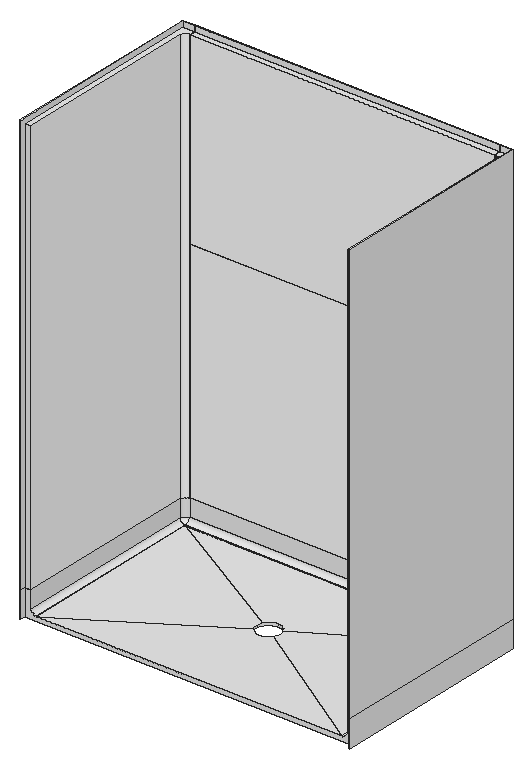
Revit family "5LES6036FB75B,B2B", category Plumbing Fixtures, Revit 2014
Parameters (values of type "5LES6036FB75B")
  Unit Width = 60"
  Unit Height = 81 1/4"
  URL = "http://www.best-bath.com/"
  Type Comments = "Barrier Free"
  Threshold Height = 3/4"
  Model = "5LES6036FB75B"
  Material [instance] = Best Bath Gelcoat Fiberglass - 8in Tile
  Manufacturer = "Best Bath Systems, Inc."
  Keynote = "22 40 00.B3"
  Description = "8\" Tile, Beveled Threshold"
  Assembly Code = "D2010710"
Types (3): name | Unit Height | Threshold Height | Model
  (no name) | 81 1/4" | 3/4" | "5LES6036FB75B"
  5LES6036FB2B | 82 1/2" | 2" | "5LES6036FB2B"
  5LES6036FB75B | 81 1/4" | 3/4" | "5LES6036FB75B"
Reference planes (in)
  plane 1: z = 0
  plane 2 "Left": x = 0
  plane 3: z = 80.25
  plane 4: z = 81.25
  plane 5: y = 0.36165
  plane 6: y = 36.36165
  plane 7: x = 60
  plane 8: y = 35.11165
  plane 9: y = 18.36165
  plane 10: x = 30
  plane 11: z = 0.375
  plane 12: z = 0.75
  plane 13: z = 46.25
  plane 14: z = 4.75
  plane 15: y = -0.63835
Forms (in)
  Extrusion 1, solid, material "Best Bath Gelcoat Fiberglass - Smooth"
    sketch origin (0, 0, 0) x (1, 0, 0) y (0, 1, 0)
      loop
        line (0, 0.36165) -> (60, 0.36165) -> (60, 36.36165) -> (0, 36.36165) -> (0, 0.36165)
      loop
        circle (30, 18.36165) r 2.125
    from 0 to 0.75
  Extrusion 2, solid, material "Best Bath Gelcoat Fiberglass - Smooth"
    sketch origin (0, 0, 0) x (1, 0, 0) y (0, 1, 0)
      loop
        line (2.25, 36.36165) -> (2.25, 35.11165) -> (57.75, 35.11165) -> (57.75, 36.36165) -> (2.25, 36.36165)
    from 4.75 to 46.25
  Blend 3, void
    base sketch origin (0, 0, 0) x (1, 0, 0) y (0, 1, 0)
      loop
        line (2.25, 0.36165) -> (57.75, 0.36165) -> (57.75, 34.11165) -> (2.25, 34.11165) -> (2.25, 0.36165)
    top sketch origin (0, 0, 0) x (1, 0, 0) y (0, 1, 0)
      loop
        circle (30, 18.36165) r 0.07952
    from 0.75 to 0.375
  Extrusion 4, solid, material "Best Bath Gelcoat Fiberglass - Smooth"
    sketch origin (0, 0, 0) x (1, 0, 0) y (0, 1, 0)
      loop
        line (2.25, 36.36165) -> (2.25, 35.11165) -> (57.75, 35.11165) -> (57.75, 36.36165) -> (2.25, 36.36165)
    from 46.25 to 80.25
  Extrusion 5, solid, material "Best Bath Gelcoat Fiberglass - Smooth"
    sketch origin (0.25, 0, 0) x (1, 0, 0) y (0, 1, 0)
      loop
        line (-0.25, 0.36165) -> (1, 0.36165) -> (1, 34.11165)
        arc (1, 34.11165) -> (1.29289, 34.81875) -> (2, 35.11165) r 1
        line (2, 35.11165) -> (2, 36.36165) -> (-0.25, 36.36165) -> (-0.25, 0.36165)
      loop
        line (59.75, 0.36165) -> (59.75, 36.36165) -> (57.5, 36.36165) -> (57.5, 35.11165)
        arc (57.5, 35.11165) -> (58.20711, 34.81875) -> (58.5, 34.11165) r 1
        line (58.5, 34.11165) -> (58.5, 0.36165) -> (59.75, 0.36165)
    from 4.75 to 80.25
  Extrusion 6, solid, material "Best Bath Gelcoat Fiberglass - Smooth"
    sketch origin (0, 0, 0) x (1, 0, 0) y (0, 1, 0)
      loop
        line (0, 36.36165) -> (0, 35.11165) -> (0, 0.36165) -> (1.25, 0.36165) -> (1.25, 34.11165)
        arc (1.25, 34.11165) -> (1.54289, 34.81875) -> (2.25, 35.11165) r 1
        line (2.25, 35.11165) -> (57.75, 35.11165)
        arc (57.75, 35.11165) -> (58.45711, 34.81875) -> (58.75, 34.11165) r 1
        line (58.75, 34.11165) -> (58.75, 0.36165) -> (60, 0.36165) -> (60, 35.11165) -> (60, 36.36165) -> (0, 36.36165)
    from 0 to 4.75
  Sweep 7, solid, material "Best Bath Gelcoat Fiberglass - Smooth"
    path origin (0, 0, 0) x (1, 0, 0) y (0, 1, 0)
      loop
        line (1.25, 0.36165) -> (1.25, 34.11165)
        arc (1.25, 34.11165) -> (1.54289, 34.81875) -> (2.25, 35.11165) r 1
        line (2.25, 35.11165) -> (57.75, 35.11165)
        arc (57.75, 35.11165) -> (58.45711, 34.81875) -> (58.75, 34.11165) r 1
        line (58.75, 34.11165) -> (58.75, 0.36165)
    profile origin (1.25, 17.23665, 0) x (-1, 0, 0) y (0, 0, 1)
      loop
        line (0, 0.75) -> (0, 1.65)
        arc (0, 1.65) -> (-0.2636, 1.0136) -> (-0.9, 0.75) r 0.9
        line (-0.9, 0.75) -> (0, 0.75)
  Extrusion 8, solid, material "Best Bath Gelcoat Fiberglass - Smooth"
    sketch origin (0, 0, 0) x (1, 0, 0) y (0, 1, 0)
      loop
        line (0, -0.63835) -> (0.125, -0.63835) -> (0.125, 0.36165) -> (0, 0.36165) -> (0, -0.63835)
      loop
        line (60, -0.63835) -> (60, 0.36165) -> (59.875, 0.36165) -> (59.875, -0.63835) -> (60, -0.63835)
    from 0 to 4.75
  Extrusion 9, solid, material "Best Bath Gelcoat Fiberglass - Smooth"
    sketch origin (0, 0, 0) x (1, 0, 0) y (0, 1, 0)
      loop
        line (2.25, 36.36165) -> (2.25, 36.23665) -> (57.75, 36.23665) -> (57.75, 36.36165) -> (2.25, 36.36165)
    from 80.25 to 81.25
  Extrusion 10, solid, material "Best Bath Gelcoat Fiberglass - Smooth"
    sketch origin (0, 0, 0) x (1, 0, 0) y (0, 1, 0)
      loop
        line (0.125, -0.63835) -> (0.125, 36.23665) -> (2.25, 36.23665) -> (2.25, 36.36165) -> (0, 36.36165) -> (0, -0.63835) -> (0.125, -0.63835)
      loop
        line (59.875, -0.63835) -> (60, -0.63835) -> (60, 36.36165) -> (57.75, 36.36165) -> (57.75, 36.23665) -> (59.875, 36.23665) -> (59.875, -0.63835)
    from 4.75 to 81.25
Cuts and joins
  Blend 3 cuts Extrusion 1
  joined: Extrusion 1, Extrusion 6, Sweep 7, Extrusion 8
  joined: Extrusion 4, Extrusion 9
  joined: Extrusion 5, Extrusion 10
Dimensions and locks (in)
  locked: plane 4 to plane 3 at 1
  "Unit Height": plane 4 to level
  equal spacing: plane 2 "Left", plane 10, plane 7
  "Unit Width": plane 2 "Left" to plane 7
  plane 6 to plane 8 = 1 1/4"
  locked: plane 6 to plane 9 at 18
  "Threshold Height": plane 12 to level
  locked: plane 12 to plane 11 at 0.375
  plane 13 to plane 12 = 45 1/2"
  locked: plane 14 to plane 12 at 4
  locked: plane 5 to plane 15 at 1
  locked: plane 6 to plane 15 at 37
  aligned and locked: level to plane 1
  aligned and locked: Extrusion 1 sketch curve to plane 5
  aligned and locked: Extrusion 1 sketch curve to plane 2 "Left"
  aligned and locked: plane 6 to Extrusion 1 sketch curve
  aligned and locked: Extrusion 1 sketch curve to plane 7
  aligned and locked: plane 10 to Extrusion 1 sketch curve
  aligned and locked: plane 9 to Extrusion 1 sketch curve
  aligned and locked: plane 12 to Extrusion 1
  aligned and locked: plane 9 to Blend 3 sketch curve
  aligned and locked: plane 10 to Blend 3 sketch curve
  aligned and locked: Extrusion 1 to Blend 3
  aligned and locked: Blend 3 to plane 11
  aligned and locked: plane 13 to Extrusion 2
  aligned and locked: Extrusion 4 to Extrusion 2
  aligned and locked: plane 3 to Extrusion 4
  aligned and locked: plane 3 to Extrusion 5
  aligned and locked: Extrusion 5 to Extrusion 6
  aligned and locked: plane 14 to cut or joined group of Extrusion 1, Blend 3, Extrusion 6, Sweep 7, Extrusion 8
  aligned and locked: Sweep 7 sketch curve to plane 12
  aligned and locked: Extrusion 8 to Extrusion 2
  aligned and locked: Extrusion 9 to plane 3
  aligned and locked: plane 4 to Extrusion 9
  aligned and locked: plane 4 to Extrusion 10
  aligned and locked: Extrusion 10 to Extrusion 2
  aligned and locked: cut or joined group of Extrusion 5, Extrusion 10 to plane 14
  aligned and locked: Extrusion 2 to plane 14
Automatic sketch dimensions
  Blend 3 sketch curve to plane 5 = 0"
  Blend 3 sketch curve to plane 8 = 1"
  plane 2 "Left" to Blend 3 sketch curve = 2 1/4"
  plane 7 to Blend 3 sketch curve = 2 1/4"
  Extrusion 6 sketch curve to plane 2 "Left" = 0"
  Extrusion 6 sketch curve to plane 5 = 0"  (x2)
  Extrusion 6 sketch curve to plane 8 = 0"  (x3)
  Extrusion 6 sketch curve to plane 7 = 0"
  Extrusion 6 sketch curve to plane 6 = 0"
  plane 2 "Left" to Extrusion 6 sketch curve = 1 1/4"
  Extrusion 6 sketch curve to Extrusion 6 sketch curve = 1"
  plane 7 to Extrusion 6 sketch curve = 2 1/4"
  plane 7 to Extrusion 6 sketch curve = 1 1/4"
  Sweep 7 sketch curve to plane 5 = 0"  (x2)
  Sweep 7 sketch curve to plane 8 = 0"
  plane 2 "Left" to Sweep 7 sketch curve = 1 1/4"
  Sweep 7 sketch curve to Sweep 7 sketch curve = 1"
  Sweep 7 sketch curve to plane 8 = 1"
  plane 7 to Sweep 7 sketch curve = 2 1/4"
  Sweep 7 sketch curve to profile plane = 0"
  profile plane to Sweep 7 sketch curve = 0.9"
  Extrusion 5 sketch curve to plane 2 "Left" = 0"
  Extrusion 5 sketch curve to plane 5 = 0"  (x2)
  Extrusion 5 sketch curve to plane 6 = 0"  (x2)
  Extrusion 5 sketch curve to plane 8 = 0"  (x2)
  Extrusion 5 sketch curve to plane 7 = 0"
  Extrusion 5 sketch curve to Extrusion 5 sketch curve = 1 1/4"
  Extrusion 5 sketch curve to Extrusion 5 sketch curve = 1"
  plane 7 to Extrusion 5 sketch curve = 2 1/4"
  Extrusion 5 sketch curve to plane 8 = 1"
  Extrusion 2 sketch curve to plane 8 = 0"
  Extrusion 2 sketch curve to plane 6 = 0"
  plane 2 "Left" to Extrusion 2 sketch curve = 2 1/4"
  plane 7 to Extrusion 2 sketch curve = 2 1/4"
  Extrusion 4 sketch curve to plane 8 = 0"
  Extrusion 4 sketch curve to plane 6 = 0"
  plane 2 "Left" to Extrusion 4 sketch curve = 2 1/4"
  plane 7 to Extrusion 4 sketch curve = 2 1/4"
  Extrusion 8 sketch curve to plane 2 "Left" = 0"
  Extrusion 8 sketch curve to plane 5 = 0"  (x2)
  Extrusion 8 sketch curve to plane 15 = 0"  (x2)
  Extrusion 8 sketch curve to plane 7 = 0"
  plane 2 "Left" to Extrusion 8 sketch curve = 1/8"
  plane 7 to Extrusion 8 sketch curve = 1/8"
  Extrusion 9 sketch curve to plane 6 = 0"
  plane 2 "Left" to Extrusion 9 sketch curve = 2 1/4"
  plane 7 to Extrusion 9 sketch curve = 2 1/4"
  Extrusion 9 sketch curve to plane 6 = 1/8"
  Extrusion 10 sketch curve to plane 2 "Left" = 0"
  Extrusion 10 sketch curve to plane 15 = 0"  (x2)
  Extrusion 10 sketch curve to plane 6 = 0"  (x2)
  Extrusion 10 sketch curve to plane 7 = 0"
  plane 2 "Left" to Extrusion 10 sketch curve = 1/8"
  Extrusion 10 sketch curve to plane 6 = 1/8"  (x2)
  Extrusion 10 sketch curve to Extrusion 10 sketch curve = 2 1/8"
  plane 7 to Extrusion 10 sketch curve = 2 1/4"
  plane 7 to Extrusion 10 sketch curve = 1/8"
  radius of Extrusion 1 sketch curve = 2 1/8"
  radius of Blend 3 sketch curve = 0.07952"
